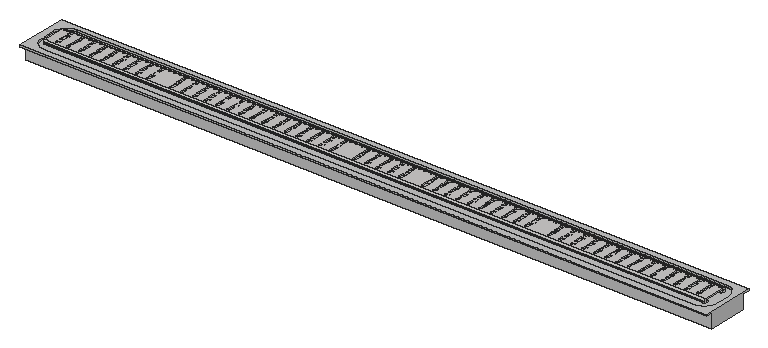
Revit family "Drain-Linear_Wave_Noble_FreeStyle", category Plumbing Fixtures, host Face, Revit 2017
Family settings
  Host = Face
  Round Connector Dimension = Use Diameter
  Part Type = Normal
  OmniClass Number = 23.45.55.21
  OmniClass Title = Drains (Wastes)
  Cut with Voids When Loaded = No
  Shared = No
  Room Calculation Point = No
Parameters (values of type "60in PVC")
  Weight = "10 lbs"
  URL = "www.noblecompany.com"
  Type Comments = ""
  Product Properties = "http://www.noblecompany.com/Portals/0/PRODUCT%20INFO/Product%20Descriptions/FreeStyle%20Linear%20Drain%20Product%20Decription%200410.pdf"
  Product Data = "http://www.noblecompany.com/Products/ShowerProducts/tabid/59/Default.aspx"
  Plate = Stainless Steel - Brushed
  Model = "Freestyle 60 PVC - Wave"
  Manufacturer Phone - Toll Free = "800-878-5788"
  Manufacturer Phone = "231-799-8000"
  Manufacturer Fax = "231-799-8850"
  Manufacturer Email = "mailto:sales@noblecompany.com"
  Manufacturer Address = "7300 Enterprise Drive, Spring Lake, MI  49456 USA"
  Manufacturer = "Noble Company"
  Installation-Fabrication = "http://www.noblecompany.com/Portals/0/PRODUCT%20INFO/Product%20Descriptions/FreeStyle%20Linear%20Drain%20Product%20Decription%200410.pdf"
  GPM = 0 GPM
  Description = "Freestyle 60 PVC - Wave Linear Drain"
  Building Codes = "http://www.noblecompany.com/Portals/0/TECHNICAL%20INFO/Listing_Testing_Certification_Reports/PMG-1065%20Noble%20Company%20Linear%20Drain%20final%202.pdf"
  Base = PVC
  B = 57 3/4"
  Assembly Code = "D2030300"
  A = 60"
  Default Elevation = 0"
  D = 1 5/8"
  C = 33 3/4"
Types (14): name | Model | Description | Base | B | A | D | C
  24in ABS | "Freestyle 24 ABS - Wave" | "Freestyle 24 ABS - Wave Linear Drain" | ABS | 21 3/4" | 24" | 1 1/4" | 15 3/4"
  32in ABS | "Freestyle 32 ABS - Wave" | "Freestyle 32 ABS - Wave Linear Drain" | ABS | 29 3/4" | 32" | 1 3/8" | 19 1/2"
  36in ABS | "Freestyle 36 ABS - Wave" | "Freestyle 36 ABS - Wave Linear Drain" | ABS | 33 3/4" | 36" | 1 3/8" | 21 3/4"
  40in ABS | "Freestyle 40 ABS - Wave" | "Freestyle 40 ABS - Wave Linear Drain" | ABS | 37 3/4" | 40" | 1 7/16" | 23 3/4"
  48in ABS | "Freestyle 48 ABS - Wave" | "Freestyle 48 ABS - Wave Linear Drain" | ABS | 45 3/4" | 48" | 1 1/2" | 27 3/4"
  54in ABS | "Freestyle 54 ABS - Wave" | "Freestyle 54 ABS - Wave Linear Drain" | ABS | 51 3/4" | 54" | 1 9/16" | 30 3/4"
  60in ABS | "Freestyle 60 ABS - Wave" | "Freestyle 60 ABS - Wave Linear Drain" | ABS | 57 3/4" | 60" | 1 5/8" | 33 3/4"
  24in PVC | "Freestyle 24 PVC - Wave" | "Freestyle 24 PVC - Wave Linear Drain" | PVC | 21 3/4" | 24" | 1 1/4" | 15 3/4"
  32in PVC | "Freestyle 32 PVC - Wave" | "Freestyle 32 PVC - Wave Linear Drain" | PVC | 29 3/4" | 32" | 1 3/8" | 19 1/2"
  36in PVC | "Freestyle 36 PVC - Wave" | "Freestyle 36 PVC - Wave Linear Drain" | PVC | 33 3/4" | 36" | 1 3/8" | 21 3/4"
  40in PVC | "Freestyle 40 PVC - Wave" | "Freestyle 40 PVC - Wave Linear Drain" | PVC | 37 3/4" | 40" | 1 7/16" | 23 3/4"
  48in PVC | "Freestyle 48 PVC - Wave" | "Freestyle 48 PVC - Wave Linear Drain" | PVC | 45 3/4" | 48" | 1 1/2" | 27 3/4"
  54in PVC | "Freestyle 54 PVC - Wave" | "Freestyle 54 PVC - Wave Linear Drain" | PVC | 51 3/4" | 54" | 1 9/16" | 30 3/4"
  60in PVC | "Freestyle 60 PVC - Wave" | "Freestyle 60 PVC - Wave Linear Drain" | PVC | 57 3/4" | 60" | 1 5/8" | 33 3/4"
Reference planes (in)
  plane 1 "Center (Front/Back)": y = 0
  plane 2: z = 0
  plane 3 "Center (Left/Right)": x = 0
  plane 4: z = -1.625
  plane 5: z = -4.05899
  plane 6: z = -1.625
  plane 7: y = 1.6875
  plane 8: y = -1.6875
  plane 9: z = -0.375
  plane 10: y = 2.25
  plane 11: y = -2.25
  plane 12: z = -0.3125
  plane 13: x = 30
  plane 14: x = -30
  plane 15: x = 28.875
  plane 16: x = -3.75
  plane 17: x = -28.875
  plane 18: z = -0.125
Forms (in)
  Extrusion 1, void, detail levels medium+fine
    sketch origin (0, 0, 0) x (1, 0, 0) y (0, 1, 0)
      loop
        circle (-3.75, 0) r 1
    from -60 to 34.55449
  Extrusion 2, solid, material "PVC" <- "Base", detail levels medium+fine
    sketch origin (10.05986, 0, 0) x (0, 1, 0) y (0, 0, 1)
      loop
        line (2.25, -0.375) -> (2.25, -0.25) -> (-2.25, -0.25) -> (-2.25, -0.375) -> (-1.6875, -0.375) -> (-1.6875, -1.625) -> (1.6875, -1.625) -> (1.6875, -0.375) -> (2.25, -0.375)
    from -40.05986 to 19.94014
  Extrusion 3, void
    sketch origin (10.05986, 0, 0) x (1, 0, 0) y (0, 1, 0)
      loop
        arc (-38.37906, 1.769) -> (-39.18512, 1.43512) -> (-39.519, 0.62906) r 1.13994
        line (-39.519, 0.62906) -> (-39.519, -0.63005)
        arc (-39.519, -0.63005) -> (-39.18541, -1.43541) -> (-38.38005, -1.769) r 1.13895
        line (-38.38005, -1.769) -> (18.37931, -1.769)
        arc (18.37931, -1.769) -> (19.18519, -1.43519) -> (19.519, -0.62931) r 1.13969
        line (19.519, -0.62931) -> (19.519, 0.62118)
        arc (19.519, 0.62118) -> (19.18281, 1.43281) -> (18.37118, 1.769) r 1.14782
        line (18.37118, 1.769) -> (-38.37906, 1.769)
    from -0.375 to 0
  Extrusion 4, void
    sketch origin (0, 0, 0) x (1, 0, 0) y (0, 1, 0)
      loop
        line (29, 1.269) -> (-29, 1.269) -> (-29, -1.269) -> (29, -1.269) -> (29, 1.269)
    from -0.125 to 0
  Extrusion 5, void, detail levels fine
    sketch origin (0, 0, 0) x (0, 1, 0) y (0, 0, 1)
      loop
        line (2.25, -0.375) -> (2.25, -0.125) -> (-2.25, -0.125) -> (-2.25, -0.375) -> (-1.6875, -0.375) -> (-1.6875, -1.625) -> (1.6875, -1.625) -> (1.6875, -0.375) -> (2.25, -0.375)
    from -30 to 30
Cuts and joins
  Extrusion 1, Extrusion 3 cuts Extrusion 2
Lines and regions (in)
  model lines, detail levels coarse+medium
    curve 1: line (-3.75, 0, 0) -> (-3.75, 0, -1.625)
  model lines, style "PlumbingFixtures", detail levels coarse
    curve 2: line (-30, 2.25, 0) -> (-30, -2.25, 0)
    curve 3: line (-30, 2.25, 0) -> (30, 2.25, 0)
    curve 4: line (30, 2.25, 0) -> (30, -2.25, 0)
    curve 5: line (-30, -2.25, 0) -> (30, -2.25, 0)
    curve 6: line (30, 0, 0) -> (-30, 0, 0)
Dimensions and locks (in)
  "D": plane 2 to plane 4
  locked: plane 4 to plane 5 at 2.43399
  "D": plane 6 to level
  equal spacing: plane 7, plane 1 "Center (Front/Back)", plane 8, locked at 1.6875 each
  locked: plane 9 to level at 0.375
  plane 7 to plane 8 = 3 3/8"
  locked: plane 10 to plane 7 at 0.5625
  locked: plane 8 to plane 11 at 0.5625
  "A": plane 14 to plane 13
  locked: plane 15 to plane 13 at 1.125
  "C": plane 16 to plane 13
  locked: plane 14 to plane 17 at 1.125
  locked: Extrusion 3 sketch curve to plane 13 at 0.42114
  locked: plane 14 to Extrusion 3 sketch curve at 0.54086
  equal spacing: plane 14, plane 3 "Center (Left/Right)", plane 13
  locked: plane 9 to plane 12 at 0.0625
  locked: level to plane 18 at 0.125
  level to Extrusion 2 sketch curve = 1/4"
  locked: plane 15 to Extrusion 4 sketch curve at 0.125
  locked: Extrusion 4 sketch curve to plane 17 at 0.125
  radius of Extrusion 1 sketch curve = 1"
  aligned and locked: plane 2 to host face
  aligned and locked: level to host face
  aligned and locked: plane 1 "Center (Front/Back)" to Extrusion 1 sketch curve
  aligned and locked: plane 13 to Extrusion 2
  aligned and locked: plane 16 to Extrusion 1 sketch curve
  aligned and locked: plane 10 to Extrusion 5 sketch curve
  aligned and locked: plane 9 to Extrusion 5 sketch curve
  aligned and locked: plane 7 to Extrusion 5 sketch curve
  aligned and locked: plane 4 to Extrusion 5 sketch curve
  aligned and locked: plane 11 to Extrusion 5 sketch curve
  aligned and locked: Extrusion 5 sketch curve to plane 8
  aligned and locked: Extrusion 5 to plane 14
  aligned and locked: plane 13 to Extrusion 5
  aligned and locked: curve 6 to plane 1 "Center (Front/Back)"
  aligned and locked: plane 14 to curve 6
  aligned and locked: plane 13 to curve 6
  aligned and locked: curve 1 to plane 16
  aligned and locked: level to curve 1
  aligned and locked: plane 6 to curve 1
  aligned and locked: Extrusion 2 to plane 14
  aligned and locked: plane 3 "Center (Left/Right)" to nested 1
  aligned and locked: plane 1 "Center (Front/Back)" to nested 1
  aligned and locked: plane 12 to nested 1
  aligned and locked: plane 9 to Extrusion 3
  aligned and locked: Extrusion 4 to plane 18
  aligned and locked: level to Extrusion 4
Automatic sketch dimensions
  host sketch curve to host sketch curve = 48 1/4"
  host sketch curve to host sketch curve = 96"
  plane 9 to Extrusion 2 sketch curve = 0"  (x2)
  Extrusion 2 sketch curve to plane 11 = 0"
  Extrusion 2 sketch curve to plane 4 = 0"
  Extrusion 2 sketch curve to plane 8 = 0"
  Extrusion 2 sketch curve to plane 7 = 0"
  Extrusion 2 sketch curve to plane 10 = 0"
  Extrusion 3 sketch curve to plane 8 = 0.0815"
  plane 17 to Extrusion 3 sketch curve = 0.55481"
  Extrusion 3 sketch curve to plane 7 = 0.0815"
  plane 17 to Extrusion 3 sketch curve = 0.5558"
  Extrusion 3 sketch curve to plane 15 = 0.44396"
  Extrusion 3 sketch curve to plane 15 = 0.43583"
  curve 2 to plane 10 = 0"
  curve 5 to plane 11 = 0"
  plane 9 to Extrusion 5 sketch curve = 0"
  Extrusion 5 sketch curve to plane 18 = 0"
  plane 8 to Extrusion 4 sketch curve = 0.4185"
  plane 7 to Extrusion 4 sketch curve = 0.4185"
Nested families (in)
  nested 1: "Strainer_Wave" at (-12.24848, 0, -0.3125), type "24"", detail levels fine
    with Strainer Length 57 3/4"
Connectors (in)
  piping at (-3.75, 0, -1.625), diameter 2, driven by "GPM"
    settings: on cut or joined group of Extrusion 1, Extrusion 2, Extrusion 3, index 1, connector inside diameter 2", connector length 0", flow factor 0, pipe flow 0 GPM, pressure drop 0.00 psi, fitting loss kfactor 0, connector angle 0.00°, fixture units 0, engagement length 0", angle of deflection 0.00°, flow configuration 0, flow direction 2, fitting loss method 0, system type 16, joint type 0, gender type 0, connector reference index -1, connector utility 0, adjustable connector no, is connector primary yes, connector description ""
Definition of nested family "Strainer_Wave"
  Parameters
    Strainer Width = 2 1/4"
    Strainer Height = 5/16"
    Strainer Length = 45 3/4"
    Strainer Finish = none
  Reference planes (in)
    plane 1 "Center (Front/Back)": y = 0
    plane 2: z = 0
    plane 3 "Center (Left/Right)": x = 12.24848
    plane 4 "Left": x = -10.62652
    plane 5 "Right": x = 35.12348
    plane 6: y = 1.125
    plane 7: y = -1.125
    plane 8: x = 42.24848
    plane 9: x = -17.75152
    plane 10: z = 0.3125
  Forms (in)
    Extrusion 1, void
      sketch origin (12.24848, 0, 0) x (0, 1, 0) y (0, 0, 1)
        loop
          line (1.1245, 0.3125) -> (0.9995, 0.3125)
          arc (0.9995, 0.3125) -> (1.08789, 0.27589) -> (1.1245, 0.1875) r 0.125
          line (1.1245, 0.1875) -> (1.1245, 0.3125)
        loop
          line (-1.1245, 0.3125) -> (-1.1245, 0.1875)
          arc (-1.1245, 0.1875) -> (-1.08789, 0.27589) -> (-0.9995, 0.3125) r 0.125
          line (-0.9995, 0.3125) -> (-1.1245, 0.3125)
        loop
          line (1.1245, 0) -> (1.1245, 0.125)
          arc (1.1245, 0.125) -> (1.08789, 0.03661) -> (0.9995, 0) r 0.125
          line (0.9995, 0) -> (1.1245, 0)
        loop
          line (-1.1245, 0) -> (-0.9995, 0)
          arc (-0.9995, 0) -> (-1.08789, 0.03661) -> (-1.1245, 0.125) r 0.125
          line (-1.1245, 0.125) -> (-1.1245, 0)
        loop
          line (-0.75, 0) -> (0.75, 0) -> (0.75, 0.0625) -> (0.9995, 0.0625)
          arc (0.9995, 0.0625) -> (1.06302, 0.15625) -> (0.9995, 0.25) r 0.10095
          line (0.9995, 0.25) -> (-0.9995, 0.25)
          arc (-0.9995, 0.25) -> (-1.06302, 0.15625) -> (-0.9995, 0.0625) r 0.10095
          line (-0.9995, 0.0625) -> (-0.75, 0.0625) -> (-0.75, 0)
      from -30 to 30
    Extrusion 2, void
      sketch origin (0, 0, 0) x (1, 0, 0) y (0, 1, 0)
        loop
          line (-17.75152, 1.25) -> (-17.75152, -1.25) -> (-10.62652, -1.25) -> (-10.62652, 1.25) -> (-17.75152, 1.25)
        loop
          line (35.12348, 1.25) -> (35.12348, -1.25) -> (42.24848, -1.25) -> (42.24848, 1.25) -> (35.12348, 1.25)
      from 0 to 0.3125
    Extrusion 3, solid, material <- "Strainer Finish", detail levels medium+fine
      sketch origin (0, 0, 0) x (1, 0, 0) y (0, 1, 0)
        loop
          line (-16.62652, 1.1245) -> (-16.62652, -1.1245) -> (41.12348, -1.1245) -> (41.12348, 1.1245) -> (-16.62652, 1.1245)
        loop
          line (-13.61152, -0.13547) -> (-13.61152, 0.2565) -> (-13.89152, 0.30808) -> (-13.89152, -0.18704) -> (-13.61152, -0.13547)
        loop
          line (-14.61152, -0.28503) -> (-14.61152, 0.40552) -> (-14.89152, 0.4255) -> (-14.89152, -0.30501) -> (-14.61152, -0.28503)
        loop
          line (-15.61152, -0.30506) -> (-15.61152, 0.42609) -> (-15.89152, 0.40611) -> (-15.89152, -0.28508) -> (-15.61152, -0.30506)
        loop
          line (-11.61152, 0.13847) -> (-11.89704, 0.06052) -> (-11.61152, -0.01744) -> (-11.61152, 0.13847)
        loop
          line (-12.89152, 0.13847) -> (-12.89152, -0.01744) -> (-12.606, 0.06052) -> (-12.89152, 0.13847)
        loop
          line (-15.89152, 0.65709) -> (-15.61152, 0.67707) -> (-15.61152, 0.81052)
          arc (-15.61152, 0.81052) -> (-15.75152, 0.95052) -> (-15.89152, 0.81052) r 0.14
          line (-15.89152, 0.81052) -> (-15.89152, 0.65709)
        loop
          line (-14.89152, 0.67639) -> (-14.61152, 0.65641) -> (-14.61152, 0.81052)
          arc (-14.61152, 0.81052) -> (-14.75152, 0.95052) -> (-14.89152, 0.81052) r 0.14
          line (-14.89152, 0.81052) -> (-14.89152, 0.67639)
        loop
          line (-13.89152, 0.5617) -> (-13.61152, 0.51012) -> (-13.61152, 0.81052)
          arc (-13.61152, 0.81052) -> (-13.75152, 0.95052) -> (-13.89152, 0.81052) r 0.14
          line (-13.89152, 0.81052) -> (-13.89152, 0.5617)
        loop
          arc (-12.61152, 0.81052) -> (-12.75152, 0.95052) -> (-12.89152, 0.81052) r 0.14
          line (-12.89152, 0.81052) -> (-12.89152, 0.36578) -> (-12.61152, 0.28933) -> (-12.61152, 0.81052)
        loop
          line (-15.89152, -0.53606) -> (-15.89152, -0.68948)
          arc (-15.89152, -0.68948) -> (-15.75152, -0.82948) -> (-15.61152, -0.68948) r 0.14
          line (-15.61152, -0.68948) -> (-15.61152, -0.55604) -> (-15.89152, -0.53606)
        loop
          line (-14.89152, -0.55535) -> (-14.89152, -0.68948)
          arc (-14.89152, -0.68948) -> (-14.75152, -0.82948) -> (-14.61152, -0.68948) r 0.14
          line (-14.61152, -0.68948) -> (-14.61152, -0.53538) -> (-14.89152, -0.55535)
        loop
          line (-13.89152, -0.44067) -> (-13.89152, -0.68948)
          arc (-13.89152, -0.68948) -> (-13.75152, -0.82948) -> (-13.61152, -0.68948) r 0.14
          line (-13.61152, -0.68948) -> (-13.61152, -0.38909) -> (-13.89152, -0.44067)
        loop
          line (-12.61152, -0.68948) -> (-12.61152, -0.1683) -> (-12.89152, -0.24475) -> (-12.89152, -0.68948)
          arc (-12.89152, -0.68948) -> (-12.75152, -0.82948) -> (-12.61152, -0.68948) r 0.14
        loop
          arc (-11.61152, 0.81052) -> (-11.75152, 0.95052) -> (-11.89152, 0.81052) r 0.14
          line (-11.89152, 0.81052) -> (-11.89152, 0.26879) -> (-11.61152, 0.34524) -> (-11.61152, 0.81052)
        loop
          line (-11.61152, -0.68948) -> (-11.61152, -0.22825) -> (-11.89152, -0.1518) -> (-11.89152, -0.68948)
          arc (-11.89152, -0.68948) -> (-11.75152, -0.82948) -> (-11.61152, -0.68948) r 0.14
        loop
          line (-8.61152, -0.17208) -> (-8.61152, 0.29086) -> (-8.89152, 0.34244) -> (-8.89152, -0.22366) -> (-8.61152, -0.17208)
        loop
          line (-7.89152, 0.13847) -> (-7.89152, -0.01744) -> (-7.606, 0.06052) -> (-7.89152, 0.13847)
        loop
          line (-8.89152, 0.59665) -> (-8.61152, 0.54507) -> (-8.61152, 0.81052)
          arc (-8.61152, 0.81052) -> (-8.75152, 0.95052) -> (-8.89152, 0.81052) r 0.14
          line (-8.89152, 0.81052) -> (-8.89152, 0.59665)
        loop
          arc (-7.61152, 0.81052) -> (-7.75152, 0.95052) -> (-7.89152, 0.81052) r 0.14
          line (-7.89152, 0.81052) -> (-7.89152, 0.39762) -> (-7.61152, 0.32117) -> (-7.61152, 0.81052)
        loop
          line (-8.89152, -0.47786) -> (-8.89152, -0.68948)
          arc (-8.89152, -0.68948) -> (-8.75152, -0.82948) -> (-8.61152, -0.68948) r 0.14
          line (-8.61152, -0.68948) -> (-8.61152, -0.42628) -> (-8.89152, -0.47786)
        loop
          line (-7.61152, -0.68948) -> (-7.61152, -0.20014) -> (-7.89152, -0.27659) -> (-7.89152, -0.68948)
          arc (-7.89152, -0.68948) -> (-7.75152, -0.82948) -> (-7.61152, -0.68948) r 0.14
        loop
          line (-10.89664, -0.13547) -> (-10.61664, -0.18704) -> (-10.61664, 0.30808) -> (-10.89664, 0.2565) -> (-10.89664, -0.13547)
        loop
          line (-10.61664, 0.5617) -> (-10.61664, 0.81052)
          arc (-10.61664, 0.81052) -> (-10.75664, 0.95052) -> (-10.89664, 0.81052) r 0.14
          line (-10.89664, 0.81052) -> (-10.89664, 0.51012) -> (-10.61664, 0.5617)
        loop
          line (-10.61664, -0.44067) -> (-10.89664, -0.38909) -> (-10.89664, -0.68948)
          arc (-10.89664, -0.68948) -> (-10.75664, -0.82948) -> (-10.61664, -0.68948) r 0.14
          line (-10.61664, -0.68948) -> (-10.61664, -0.44067)
        loop
          line (-9.61152, -0.30501) -> (-9.61152, 0.4255) -> (-9.89152, 0.4255) -> (-9.89152, -0.30501) -> (-9.61152, -0.30501)
        loop
          line (-9.89152, 0.67639) -> (-9.61152, 0.65641) -> (-9.61152, 0.81052)
          arc (-9.61152, 0.81052) -> (-9.75152, 0.95052) -> (-9.89152, 0.81052) r 0.14
          line (-9.89152, 0.81052) -> (-9.89152, 0.67639)
        loop
          line (-9.89152, -0.55535) -> (-9.89152, -0.68948)
          arc (-9.89152, -0.68948) -> (-9.75152, -0.82948) -> (-9.61152, -0.68948) r 0.14
          line (-9.61152, -0.68948) -> (-9.61152, -0.55535) -> (-9.89152, -0.55535)
        loop
          line (-5.61152, 0.13847) -> (-5.89704, 0.06052) -> (-5.61152, -0.01744) -> (-5.61152, 0.13847)
        loop
          arc (-5.61152, 0.81052) -> (-5.75152, 0.95052) -> (-5.89152, 0.81052) r 0.14
          line (-5.89152, 0.81052) -> (-5.89152, 0.26879) -> (-5.61152, 0.34524) -> (-5.61152, 0.81052)
        loop
          line (-5.61152, -0.68948) -> (-5.61152, -0.22825) -> (-5.89152, -0.1518) -> (-5.89152, -0.68948)
          arc (-5.89152, -0.68948) -> (-5.75152, -0.82948) -> (-5.61152, -0.68948) r 0.14
        loop
          line (-2.61152, -0.17208) -> (-2.61152, 0.29086) -> (-2.89152, 0.34244) -> (-2.89152, -0.22366) -> (-2.61152, -0.17208)
        loop
          line (-1.89152, 0.13847) -> (-1.89152, -0.01744) -> (-1.606, 0.06052) -> (-1.89152, 0.13847)
        loop
          line (-2.89152, 0.59665) -> (-2.61152, 0.54507) -> (-2.61152, 0.81052)
          arc (-2.61152, 0.81052) -> (-2.75152, 0.95052) -> (-2.89152, 0.81052) r 0.14
          line (-2.89152, 0.81052) -> (-2.89152, 0.59665)
        loop
          arc (-1.61152, 0.81052) -> (-1.75152, 0.95052) -> (-1.89152, 0.81052) r 0.14
          line (-1.89152, 0.81052) -> (-1.89152, 0.39762) -> (-1.61152, 0.32117) -> (-1.61152, 0.81052)
        loop
          line (-2.89152, -0.47786) -> (-2.89152, -0.68948)
          arc (-2.89152, -0.68948) -> (-2.75152, -0.82948) -> (-2.61152, -0.68948) r 0.14
          line (-2.61152, -0.68948) -> (-2.61152, -0.42628) -> (-2.89152, -0.47786)
        loop
          line (-1.61152, -0.68948) -> (-1.61152, -0.20014) -> (-1.89152, -0.27659) -> (-1.89152, -0.68948)
          arc (-1.89152, -0.68948) -> (-1.75152, -0.82948) -> (-1.61152, -0.68948) r 0.14
        loop
          line (-4.89664, -0.13547) -> (-4.61664, -0.18704) -> (-4.61664, 0.30808) -> (-4.89664, 0.2565) -> (-4.89664, -0.13547)
        loop
          line (-4.61664, 0.5617) -> (-4.61664, 0.81052)
          arc (-4.61664, 0.81052) -> (-4.75664, 0.95052) -> (-4.89664, 0.81052) r 0.14
          line (-4.89664, 0.81052) -> (-4.89664, 0.51012) -> (-4.61664, 0.5617)
        loop
          line (-4.61664, -0.44067) -> (-4.89664, -0.38909) -> (-4.89664, -0.68948)
          arc (-4.89664, -0.68948) -> (-4.75664, -0.82948) -> (-4.61664, -0.68948) r 0.14
          line (-4.61664, -0.68948) -> (-4.61664, -0.44067)
        loop
          line (-3.61152, -0.30501) -> (-3.61152, 0.4255) -> (-3.89152, 0.4255) -> (-3.89152, -0.30501) -> (-3.61152, -0.30501)
        loop
          line (-3.89152, 0.67639) -> (-3.61152, 0.65641) -> (-3.61152, 0.81052)
          arc (-3.61152, 0.81052) -> (-3.75152, 0.95052) -> (-3.89152, 0.81052) r 0.14
          line (-3.89152, 0.81052) -> (-3.89152, 0.67639)
        loop
          line (-3.89152, -0.55535) -> (-3.89152, -0.68948)
          arc (-3.89152, -0.68948) -> (-3.75152, -0.82948) -> (-3.61152, -0.68948) r 0.14
          line (-3.61152, -0.68948) -> (-3.61152, -0.55535) -> (-3.89152, -0.55535)
        loop
          line (-0.61152, 0.13847) -> (-0.89704, 0.06052) -> (-0.61152, -0.01744) -> (-0.61152, 0.13847)
        loop
          arc (-0.61152, 0.81052) -> (-0.75152, 0.95052) -> (-0.89152, 0.81052) r 0.14
          line (-0.89152, 0.81052) -> (-0.89152, 0.26879) -> (-0.61152, 0.34524) -> (-0.61152, 0.81052)
        loop
          line (-0.61152, -0.68948) -> (-0.61152, -0.22825) -> (-0.89152, -0.1518) -> (-0.89152, -0.68948)
          arc (-0.89152, -0.68948) -> (-0.75152, -0.82948) -> (-0.61152, -0.68948) r 0.14
        loop
          line (2.38848, -0.17208) -> (2.38848, 0.29086) -> (2.10848, 0.34244) -> (2.10848, -0.22366) -> (2.38848, -0.17208)
        loop
          line (3.10848, 0.13847) -> (3.10848, -0.01744) -> (3.394, 0.06052) -> (3.10848, 0.13847)
        loop
          line (2.10848, 0.59665) -> (2.38848, 0.54507) -> (2.38848, 0.81052)
          arc (2.38848, 0.81052) -> (2.24848, 0.95052) -> (2.10848, 0.81052) r 0.14
          line (2.10848, 0.81052) -> (2.10848, 0.59665)
        loop
          arc (3.38848, 0.81052) -> (3.24848, 0.95052) -> (3.10848, 0.81052) r 0.14
          line (3.10848, 0.81052) -> (3.10848, 0.39762) -> (3.38848, 0.32117) -> (3.38848, 0.81052)
        loop
          line (2.10848, -0.47786) -> (2.10848, -0.68948)
          arc (2.10848, -0.68948) -> (2.24848, -0.82948) -> (2.38848, -0.68948) r 0.14
          line (2.38848, -0.68948) -> (2.38848, -0.42628) -> (2.10848, -0.47786)
        loop
          line (3.38848, -0.68948) -> (3.38848, -0.20014) -> (3.10848, -0.27659) -> (3.10848, -0.68948)
          arc (3.10848, -0.68948) -> (3.24848, -0.82948) -> (3.38848, -0.68948) r 0.14
        loop
          line (0.10336, -0.13547) -> (0.38336, -0.18704) -> (0.38336, 0.30808) -> (0.10336, 0.2565) -> (0.10336, -0.13547)
        loop
          line (0.38336, 0.5617) -> (0.38336, 0.81052)
          arc (0.38336, 0.81052) -> (0.24336, 0.95052) -> (0.10336, 0.81052) r 0.14
          line (0.10336, 0.81052) -> (0.10336, 0.51012) -> (0.38336, 0.5617)
        loop
          line (0.38336, -0.44067) -> (0.10336, -0.38909) -> (0.10336, -0.68948)
          arc (0.10336, -0.68948) -> (0.24336, -0.82948) -> (0.38336, -0.68948) r 0.14
          line (0.38336, -0.68948) -> (0.38336, -0.44067)
        loop
          line (1.38848, -0.30501) -> (1.38848, 0.4255) -> (1.10848, 0.4255) -> (1.10848, -0.30501) -> (1.38848, -0.30501)
        loop
          line (1.10848, 0.67639) -> (1.38848, 0.65641) -> (1.38848, 0.81052)
          arc (1.38848, 0.81052) -> (1.24848, 0.95052) -> (1.10848, 0.81052) r 0.14
          line (1.10848, 0.81052) -> (1.10848, 0.67639)
        loop
          line (1.10848, -0.55535) -> (1.10848, -0.68948)
          arc (1.10848, -0.68948) -> (1.24848, -0.82948) -> (1.38848, -0.68948) r 0.14
          line (1.38848, -0.68948) -> (1.38848, -0.55535) -> (1.10848, -0.55535)
        loop
          line (4.38848, 0.13847) -> (4.10296, 0.06052) -> (4.38848, -0.01744) -> (4.38848, 0.13847)
        loop
          arc (4.38848, 0.81052) -> (4.24848, 0.95052) -> (4.10848, 0.81052) r 0.14
          line (4.10848, 0.81052) -> (4.10848, 0.26879) -> (4.38848, 0.34524) -> (4.38848, 0.81052)
        loop
          line (4.38848, -0.68948) -> (4.38848, -0.22825) -> (4.10848, -0.1518) -> (4.10848, -0.68948)
          arc (4.10848, -0.68948) -> (4.24848, -0.82948) -> (4.38848, -0.68948) r 0.14
        loop
          line (7.38848, -0.17208) -> (7.38848, 0.29086) -> (7.10848, 0.34244) -> (7.10848, -0.22366) -> (7.38848, -0.17208)
        loop
          line (8.10848, 0.13847) -> (8.10848, -0.01744) -> (8.394, 0.06052) -> (8.10848, 0.13847)
        loop
          line (7.10848, 0.59665) -> (7.38848, 0.54507) -> (7.38848, 0.81052)
          arc (7.38848, 0.81052) -> (7.24848, 0.95052) -> (7.10848, 0.81052) r 0.14
          line (7.10848, 0.81052) -> (7.10848, 0.59665)
        loop
          arc (8.38848, 0.81052) -> (8.24848, 0.95052) -> (8.10848, 0.81052) r 0.14
          line (8.10848, 0.81052) -> (8.10848, 0.39762) -> (8.38848, 0.32117) -> (8.38848, 0.81052)
        loop
          line (7.10848, -0.47786) -> (7.10848, -0.68948)
          arc (7.10848, -0.68948) -> (7.24848, -0.82948) -> (7.38848, -0.68948) r 0.14
          line (7.38848, -0.68948) -> (7.38848, -0.42628) -> (7.10848, -0.47786)
        loop
          line (8.38848, -0.68948) -> (8.38848, -0.20014) -> (8.10848, -0.27659) -> (8.10848, -0.68948)
          arc (8.10848, -0.68948) -> (8.24848, -0.82948) -> (8.38848, -0.68948) r 0.14
        loop
          line (5.10336, -0.13547) -> (5.38336, -0.18704) -> (5.38336, 0.30808) -> (5.10336, 0.2565) -> (5.10336, -0.13547)
        loop
          line (5.38336, 0.5617) -> (5.38336, 0.81052)
          arc (5.38336, 0.81052) -> (5.24336, 0.95052) -> (5.10336, 0.81052) r 0.14
          line (5.10336, 0.81052) -> (5.10336, 0.51012) -> (5.38336, 0.5617)
        loop
          line (5.38336, -0.44067) -> (5.10336, -0.38909) -> (5.10336, -0.68948)
          arc (5.10336, -0.68948) -> (5.24336, -0.82948) -> (5.38336, -0.68948) r 0.14
          line (5.38336, -0.68948) -> (5.38336, -0.44067)
        loop
          line (6.38848, -0.30501) -> (6.38848, 0.4255) -> (6.10848, 0.4255) -> (6.10848, -0.30501) -> (6.38848, -0.30501)
        loop
          line (6.10848, 0.67639) -> (6.38848, 0.65641) -> (6.38848, 0.81052)
          arc (6.38848, 0.81052) -> (6.24848, 0.95052) -> (6.10848, 0.81052) r 0.14
          line (6.10848, 0.81052) -> (6.10848, 0.67639)
        loop
          line (6.10848, -0.55535) -> (6.10848, -0.68948)
          arc (6.10848, -0.68948) -> (6.24848, -0.82948) -> (6.38848, -0.68948) r 0.14
          line (6.38848, -0.68948) -> (6.38848, -0.55535) -> (6.10848, -0.55535)
        loop
          line (10.38848, 0.13847) -> (10.10296, 0.06052) -> (10.38848, -0.01744) -> (10.38848, 0.13847)
        loop
          arc (10.38848, 0.81052) -> (10.24848, 0.95052) -> (10.10848, 0.81052) r 0.14
          line (10.10848, 0.81052) -> (10.10848, 0.26879) -> (10.38848, 0.34524) -> (10.38848, 0.81052)
        loop
          line (10.38848, -0.68948) -> (10.38848, -0.22825) -> (10.10848, -0.1518) -> (10.10848, -0.68948)
          arc (10.10848, -0.68948) -> (10.24848, -0.82948) -> (10.38848, -0.68948) r 0.14
        loop
          line (13.38848, -0.17208) -> (13.38848, 0.29086) -> (13.10848, 0.34244) -> (13.10848, -0.22366) -> (13.38848, -0.17208)
        loop
          line (14.10848, 0.13847) -> (14.10848, -0.01744) -> (14.394, 0.06052) -> (14.10848, 0.13847)
        loop
          line (13.10848, 0.59665) -> (13.38848, 0.54507) -> (13.38848, 0.81052)
          arc (13.38848, 0.81052) -> (13.24848, 0.95052) -> (13.10848, 0.81052) r 0.14
          line (13.10848, 0.81052) -> (13.10848, 0.59665)
        loop
          arc (14.38848, 0.81052) -> (14.24848, 0.95052) -> (14.10848, 0.81052) r 0.14
          line (14.10848, 0.81052) -> (14.10848, 0.39762) -> (14.38848, 0.32117) -> (14.38848, 0.81052)
        loop
          line (13.10848, -0.47786) -> (13.10848, -0.68948)
          arc (13.10848, -0.68948) -> (13.24848, -0.82948) -> (13.38848, -0.68948) r 0.14
          line (13.38848, -0.68948) -> (13.38848, -0.42628) -> (13.10848, -0.47786)
        loop
          line (14.38848, -0.68948) -> (14.38848, -0.20014) -> (14.10848, -0.27659) -> (14.10848, -0.68948)
          arc (14.10848, -0.68948) -> (14.24848, -0.82948) -> (14.38848, -0.68948) r 0.14
        loop
          line (11.10336, -0.13547) -> (11.38336, -0.18704) -> (11.38336, 0.30808) -> (11.10336, 0.2565) -> (11.10336, -0.13547)
        loop
          line (11.38336, 0.5617) -> (11.38336, 0.81052)
          arc (11.38336, 0.81052) -> (11.24336, 0.95052) -> (11.10336, 0.81052) r 0.14
          line (11.10336, 0.81052) -> (11.10336, 0.51012) -> (11.38336, 0.5617)
        loop
          line (11.38336, -0.44067) -> (11.10336, -0.38909) -> (11.10336, -0.68948)
          arc (11.10336, -0.68948) -> (11.24336, -0.82948) -> (11.38336, -0.68948) r 0.14
          line (11.38336, -0.68948) -> (11.38336, -0.44067)
        loop
          line (12.38848, -0.30501) -> (12.38848, 0.4255) -> (12.10848, 0.4255) -> (12.10848, -0.30501) -> (12.38848, -0.30501)
        loop
          line (12.10848, 0.67639) -> (12.38848, 0.65641) -> (12.38848, 0.81052)
          arc (12.38848, 0.81052) -> (12.24848, 0.95052) -> (12.10848, 0.81052) r 0.14
          line (12.10848, 0.81052) -> (12.10848, 0.67639)
        loop
          line (12.10848, -0.55535) -> (12.10848, -0.68948)
          arc (12.10848, -0.68948) -> (12.24848, -0.82948) -> (12.38848, -0.68948) r 0.14
          line (12.38848, -0.68948) -> (12.38848, -0.55535) -> (12.10848, -0.55535)
        loop
          line (16.38848, 0.13847) -> (16.10296, 0.06052) -> (16.38848, -0.01744) -> (16.38848, 0.13847)
        loop
          arc (16.38848, 0.81052) -> (16.24848, 0.95052) -> (16.10848, 0.81052) r 0.14
          line (16.10848, 0.81052) -> (16.10848, 0.26879) -> (16.38848, 0.34524) -> (16.38848, 0.81052)
        loop
          line (16.38848, -0.68948) -> (16.38848, -0.22825) -> (16.10848, -0.1518) -> (16.10848, -0.68948)
          arc (16.10848, -0.68948) -> (16.24848, -0.82948) -> (16.38848, -0.68948) r 0.14
        loop
          line (19.38848, -0.17208) -> (19.38848, 0.29086) -> (19.10848, 0.34244) -> (19.10848, -0.22366) -> (19.38848, -0.17208)
        loop
          line (20.10848, 0.13847) -> (20.10848, -0.01744) -> (20.394, 0.06052) -> (20.10848, 0.13847)
        loop
          line (19.10848, 0.59665) -> (19.38848, 0.54507) -> (19.38848, 0.81052)
          arc (19.38848, 0.81052) -> (19.24848, 0.95052) -> (19.10848, 0.81052) r 0.14
          line (19.10848, 0.81052) -> (19.10848, 0.59665)
        loop
          arc (20.38848, 0.81052) -> (20.24848, 0.95052) -> (20.10848, 0.81052) r 0.14
          line (20.10848, 0.81052) -> (20.10848, 0.39762) -> (20.38848, 0.32117) -> (20.38848, 0.81052)
        loop
          line (19.10848, -0.47786) -> (19.10848, -0.68948)
          arc (19.10848, -0.68948) -> (19.24848, -0.82948) -> (19.38848, -0.68948) r 0.14
          line (19.38848, -0.68948) -> (19.38848, -0.42628) -> (19.10848, -0.47786)
        loop
          line (20.38848, -0.68948) -> (20.38848, -0.20014) -> (20.10848, -0.27659) -> (20.10848, -0.68948)
          arc (20.10848, -0.68948) -> (20.24848, -0.82948) -> (20.38848, -0.68948) r 0.14
        loop
          line (17.10336, -0.13547) -> (17.38336, -0.18704) -> (17.38336, 0.30808) -> (17.10336, 0.2565) -> (17.10336, -0.13547)
        loop
          line (17.38336, 0.5617) -> (17.38336, 0.81052)
          arc (17.38336, 0.81052) -> (17.24336, 0.95052) -> (17.10336, 0.81052) r 0.14
          line (17.10336, 0.81052) -> (17.10336, 0.51012) -> (17.38336, 0.5617)
        loop
          line (17.38336, -0.44067) -> (17.10336, -0.38909) -> (17.10336, -0.68948)
          arc (17.10336, -0.68948) -> (17.24336, -0.82948) -> (17.38336, -0.68948) r 0.14
          line (17.38336, -0.68948) -> (17.38336, -0.44067)
        loop
          line (18.38848, -0.30501) -> (18.38848, 0.4255) -> (18.10848, 0.4255) -> (18.10848, -0.30501) -> (18.38848, -0.30501)
        loop
          line (18.10848, 0.67639) -> (18.38848, 0.65641) -> (18.38848, 0.81052)
          arc (18.38848, 0.81052) -> (18.24848, 0.95052) -> (18.10848, 0.81052) r 0.14
          line (18.10848, 0.81052) -> (18.10848, 0.67639)
        loop
          line (18.10848, -0.55535) -> (18.10848, -0.68948)
          arc (18.10848, -0.68948) -> (18.24848, -0.82948) -> (18.38848, -0.68948) r 0.14
          line (18.38848, -0.68948) -> (18.38848, -0.55535) -> (18.10848, -0.55535)
        loop
          line (21.38848, 0.13847) -> (21.10296, 0.06052) -> (21.38848, -0.01744) -> (21.38848, 0.13847)
        loop
          arc (21.38848, 0.81052) -> (21.24848, 0.95052) -> (21.10848, 0.81052) r 0.14
          line (21.10848, 0.81052) -> (21.10848, 0.26879) -> (21.38848, 0.34524) -> (21.38848, 0.81052)
        loop
          line (21.38848, -0.68948) -> (21.38848, -0.22825) -> (21.10848, -0.1518) -> (21.10848, -0.68948)
          arc (21.10848, -0.68948) -> (21.24848, -0.82948) -> (21.38848, -0.68948) r 0.14
        loop
          line (24.38848, -0.17208) -> (24.38848, 0.29086) -> (24.10848, 0.34244) -> (24.10848, -0.22366) -> (24.38848, -0.17208)
        loop
          line (25.10848, 0.13847) -> (25.10848, -0.01744) -> (25.394, 0.06052) -> (25.10848, 0.13847)
        loop
          line (24.10848, 0.59665) -> (24.38848, 0.54507) -> (24.38848, 0.81052)
          arc (24.38848, 0.81052) -> (24.24848, 0.95052) -> (24.10848, 0.81052) r 0.14
          line (24.10848, 0.81052) -> (24.10848, 0.59665)
        loop
          arc (25.38848, 0.81052) -> (25.24848, 0.95052) -> (25.10848, 0.81052) r 0.14
          line (25.10848, 0.81052) -> (25.10848, 0.39762) -> (25.38848, 0.32117) -> (25.38848, 0.81052)
        loop
          line (24.10848, -0.47786) -> (24.10848, -0.68948)
          arc (24.10848, -0.68948) -> (24.24848, -0.82948) -> (24.38848, -0.68948) r 0.14
          line (24.38848, -0.68948) -> (24.38848, -0.42628) -> (24.10848, -0.47786)
        loop
          line (25.38848, -0.68948) -> (25.38848, -0.20014) -> (25.10848, -0.27659) -> (25.10848, -0.68948)
          arc (25.10848, -0.68948) -> (25.24848, -0.82948) -> (25.38848, -0.68948) r 0.14
        loop
          line (22.10336, -0.13547) -> (22.38336, -0.18704) -> (22.38336, 0.30808) -> (22.10336, 0.2565) -> (22.10336, -0.13547)
        loop
          line (22.38336, 0.5617) -> (22.38336, 0.81052)
          arc (22.38336, 0.81052) -> (22.24336, 0.95052) -> (22.10336, 0.81052) r 0.14
          line (22.10336, 0.81052) -> (22.10336, 0.51012) -> (22.38336, 0.5617)
        loop
          line (22.38336, -0.44067) -> (22.10336, -0.38909) -> (22.10336, -0.68948)
          arc (22.10336, -0.68948) -> (22.24336, -0.82948) -> (22.38336, -0.68948) r 0.14
          line (22.38336, -0.68948) -> (22.38336, -0.44067)
        loop
          line (23.38848, -0.30501) -> (23.38848, 0.4255) -> (23.10848, 0.4255) -> (23.10848, -0.30501) -> (23.38848, -0.30501)
        loop
          line (23.10848, 0.67639) -> (23.38848, 0.65641) -> (23.38848, 0.81052)
          arc (23.38848, 0.81052) -> (23.24848, 0.95052) -> (23.10848, 0.81052) r 0.14
          line (23.10848, 0.81052) -> (23.10848, 0.67639)
        loop
          line (23.10848, -0.55535) -> (23.10848, -0.68948)
          arc (23.10848, -0.68948) -> (23.24848, -0.82948) -> (23.38848, -0.68948) r 0.14
          line (23.38848, -0.68948) -> (23.38848, -0.55535) -> (23.10848, -0.55535)
        loop
          line (27.38848, 0.13847) -> (27.10296, 0.06052) -> (27.38848, -0.01744) -> (27.38848, 0.13847)
        loop
          arc (27.38848, 0.81052) -> (27.24848, 0.95052) -> (27.10848, 0.81052) r 0.14
          line (27.10848, 0.81052) -> (27.10848, 0.26879) -> (27.38848, 0.34524) -> (27.38848, 0.81052)
        loop
          line (27.38848, -0.68948) -> (27.38848, -0.22825) -> (27.10848, -0.1518) -> (27.10848, -0.68948)
          arc (27.10848, -0.68948) -> (27.24848, -0.82948) -> (27.38848, -0.68948) r 0.14
        loop
          line (30.38848, -0.17208) -> (30.38848, 0.29086) -> (30.10848, 0.34244) -> (30.10848, -0.22366) -> (30.38848, -0.17208)
        loop
          line (31.10848, 0.13847) -> (31.10848, -0.01744) -> (31.394, 0.06052) -> (31.10848, 0.13847)
        loop
          line (30.10848, 0.59665) -> (30.38848, 0.54507) -> (30.38848, 0.81052)
          arc (30.38848, 0.81052) -> (30.24848, 0.95052) -> (30.10848, 0.81052) r 0.14
          line (30.10848, 0.81052) -> (30.10848, 0.59665)
        loop
          arc (31.38848, 0.81052) -> (31.24848, 0.95052) -> (31.10848, 0.81052) r 0.14
          line (31.10848, 0.81052) -> (31.10848, 0.39762) -> (31.38848, 0.32117) -> (31.38848, 0.81052)
        loop
          line (30.10848, -0.47786) -> (30.10848, -0.68948)
          arc (30.10848, -0.68948) -> (30.24848, -0.82948) -> (30.38848, -0.68948) r 0.14
          line (30.38848, -0.68948) -> (30.38848, -0.42628) -> (30.10848, -0.47786)
        loop
          line (31.38848, -0.68948) -> (31.38848, -0.20014) -> (31.10848, -0.27659) -> (31.10848, -0.68948)
          arc (31.10848, -0.68948) -> (31.24848, -0.82948) -> (31.38848, -0.68948) r 0.14
        loop
          line (28.10336, -0.13547) -> (28.38336, -0.18704) -> (28.38336, 0.30808) -> (28.10336, 0.2565) -> (28.10336, -0.13547)
        loop
          line (28.38336, 0.5617) -> (28.38336, 0.81052)
          arc (28.38336, 0.81052) -> (28.24336, 0.95052) -> (28.10336, 0.81052) r 0.14
          line (28.10336, 0.81052) -> (28.10336, 0.51012) -> (28.38336, 0.5617)
        loop
          line (28.38336, -0.44067) -> (28.10336, -0.38909) -> (28.10336, -0.68948)
          arc (28.10336, -0.68948) -> (28.24336, -0.82948) -> (28.38336, -0.68948) r 0.14
          line (28.38336, -0.68948) -> (28.38336, -0.44067)
        loop
          line (29.38848, -0.30501) -> (29.38848, 0.4255) -> (29.10848, 0.4255) -> (29.10848, -0.30501) -> (29.38848, -0.30501)
        loop
          line (29.10848, 0.67639) -> (29.38848, 0.65641) -> (29.38848, 0.81052)
          arc (29.38848, 0.81052) -> (29.24848, 0.95052) -> (29.10848, 0.81052) r 0.14
          line (29.10848, 0.81052) -> (29.10848, 0.67639)
        loop
          line (29.10848, -0.55535) -> (29.10848, -0.68948)
          arc (29.10848, -0.68948) -> (29.24848, -0.82948) -> (29.38848, -0.68948) r 0.14
          line (29.38848, -0.68948) -> (29.38848, -0.55535) -> (29.10848, -0.55535)
        loop
          line (32.38848, 0.13847) -> (32.10296, 0.06052) -> (32.38848, -0.01744) -> (32.38848, 0.13847)
        loop
          arc (32.38848, 0.81052) -> (32.24848, 0.95052) -> (32.10848, 0.81052) r 0.14
          line (32.10848, 0.81052) -> (32.10848, 0.26879) -> (32.38848, 0.34524) -> (32.38848, 0.81052)
        loop
          line (32.38848, -0.68948) -> (32.38848, -0.22825) -> (32.10848, -0.1518) -> (32.10848, -0.68948)
          arc (32.10848, -0.68948) -> (32.24848, -0.82948) -> (32.38848, -0.68948) r 0.14
        loop
          line (35.38848, -0.17208) -> (35.38848, 0.29086) -> (35.10848, 0.34244) -> (35.10848, -0.22366) -> (35.38848, -0.17208)
        loop
          line (36.10848, 0.13847) -> (36.10848, -0.01744) -> (36.394, 0.06052) -> (36.10848, 0.13847)
        loop
          line (35.10848, 0.59665) -> (35.38848, 0.54507) -> (35.38848, 0.81052)
          arc (35.38848, 0.81052) -> (35.24848, 0.95052) -> (35.10848, 0.81052) r 0.14
          line (35.10848, 0.81052) -> (35.10848, 0.59665)
        loop
          arc (36.38848, 0.81052) -> (36.24848, 0.95052) -> (36.10848, 0.81052) r 0.14
          line (36.10848, 0.81052) -> (36.10848, 0.39762) -> (36.38848, 0.32117) -> (36.38848, 0.81052)
        loop
          line (35.10848, -0.47786) -> (35.10848, -0.68948)
          arc (35.10848, -0.68948) -> (35.24848, -0.82948) -> (35.38848, -0.68948) r 0.14
          line (35.38848, -0.68948) -> (35.38848, -0.42628) -> (35.10848, -0.47786)
        loop
          line (36.38848, -0.68948) -> (36.38848, -0.20014) -> (36.10848, -0.27659) -> (36.10848, -0.68948)
          arc (36.10848, -0.68948) -> (36.24848, -0.82948) -> (36.38848, -0.68948) r 0.14
        loop
          line (33.10336, -0.13547) -> (33.38336, -0.18704) -> (33.38336, 0.30808) -> (33.10336, 0.2565) -> (33.10336, -0.13547)
        loop
          line (33.38336, 0.5617) -> (33.38336, 0.81052)
          arc (33.38336, 0.81052) -> (33.24336, 0.95052) -> (33.10336, 0.81052) r 0.14
          line (33.10336, 0.81052) -> (33.10336, 0.51012) -> (33.38336, 0.5617)
        loop
          line (33.38336, -0.44067) -> (33.10336, -0.38909) -> (33.10336, -0.68948)
          arc (33.10336, -0.68948) -> (33.24336, -0.82948) -> (33.38336, -0.68948) r 0.14
          line (33.38336, -0.68948) -> (33.38336, -0.44067)
        loop
          line (34.38848, -0.30501) -> (34.38848, 0.4255) -> (34.10848, 0.4255) -> (34.10848, -0.30501) -> (34.38848, -0.30501)
        loop
          line (34.10848, 0.67639) -> (34.38848, 0.65641) -> (34.38848, 0.81052)
          arc (34.38848, 0.81052) -> (34.24848, 0.95052) -> (34.10848, 0.81052) r 0.14
          line (34.10848, 0.81052) -> (34.10848, 0.67639)
        loop
          line (34.10848, -0.55535) -> (34.10848, -0.68948)
          arc (34.10848, -0.68948) -> (34.24848, -0.82948) -> (34.38848, -0.68948) r 0.14
          line (34.38848, -0.68948) -> (34.38848, -0.55535) -> (34.10848, -0.55535)
        loop
          line (37.38848, 0.13847) -> (37.10296, 0.06052) -> (37.38848, -0.01744) -> (37.38848, 0.13847)
        loop
          arc (37.38848, 0.81052) -> (37.24848, 0.95052) -> (37.10848, 0.81052) r 0.14
          line (37.10848, 0.81052) -> (37.10848, 0.26879) -> (37.38848, 0.34524) -> (37.38848, 0.81052)
        loop
          line (37.38848, -0.68948) -> (37.38848, -0.22825) -> (37.10848, -0.1518) -> (37.10848, -0.68948)
          arc (37.10848, -0.68948) -> (37.24848, -0.82948) -> (37.38848, -0.68948) r 0.14
        loop
          line (40.38848, -0.24232) -> (40.38848, 0.37561) -> (40.10848, 0.42719) -> (40.10848, -0.2939) -> (40.38848, -0.24232)
        loop
          line (40.10848, 0.59665) -> (40.38848, 0.54507) -> (40.38848, 0.81052)
          arc (40.38848, 0.81052) -> (40.24848, 0.95052) -> (40.10848, 0.81052) r 0.14
          line (40.10848, 0.81052) -> (40.10848, 0.59665)
        loop
          line (40.10848, -0.5481) -> (40.10848, -0.68948)
          arc (40.10848, -0.68948) -> (40.24848, -0.82948) -> (40.38848, -0.68948) r 0.14
          line (40.38848, -0.68948) -> (40.38848, -0.49653) -> (40.10848, -0.5481)
        loop
          line (38.10336, -0.13547) -> (38.38336, -0.18704) -> (38.38336, 0.30808) -> (38.10336, 0.2565) -> (38.10336, -0.13547)
        loop
          line (38.38336, 0.5617) -> (38.38336, 0.81052)
          arc (38.38336, 0.81052) -> (38.24336, 0.95052) -> (38.10336, 0.81052) r 0.14
          line (38.10336, 0.81052) -> (38.10336, 0.51012) -> (38.38336, 0.5617)
        loop
          line (38.38336, -0.44067) -> (38.10336, -0.38909) -> (38.10336, -0.68948)
          arc (38.10336, -0.68948) -> (38.24336, -0.82948) -> (38.38336, -0.68948) r 0.14
          line (38.38336, -0.68948) -> (38.38336, -0.44067)
        loop
          line (39.38848, -0.30501) -> (39.38848, 0.4255) -> (39.10848, 0.4255) -> (39.10848, -0.30501) -> (39.38848, -0.30501)
        loop
          line (39.10848, 0.67639) -> (39.38848, 0.65641) -> (39.38848, 0.81052)
          arc (39.38848, 0.81052) -> (39.24848, 0.95052) -> (39.10848, 0.81052) r 0.14
          line (39.10848, 0.81052) -> (39.10848, 0.67639)
        loop
          line (39.10848, -0.55535) -> (39.10848, -0.68948)
          arc (39.10848, -0.68948) -> (39.24848, -0.82948) -> (39.38848, -0.68948) r 0.14
          line (39.38848, -0.68948) -> (39.38848, -0.55535) -> (39.10848, -0.55535)
      from 0 to 0.3125
  Cuts and joins
    Extrusion 1, Extrusion 2 cuts Extrusion 3
  Dimensions and locks (in)
    "Strainer Length": plane 4 "Left" to plane 5 "Right"
    equal spacing: plane 4 "Left", plane 3 "Center (Left/Right)", plane 5 "Right"
    equal spacing: plane 7, plane 1 "Center (Front/Back)", plane 6
    "Strainer Width": plane 6 to plane 7
    "Strainer Height": plane 10 to level
    Extrusion 1 to level = 5/16"
    plane 9 to plane 3 "Center (Left/Right)" to plane 8 = 30" locked, 30" locked
    Extrusion 2 sketch curve to plane 1 "Center (Front/Back)" to Extrusion 2 sketch curve = 1 1/4" locked, 1 1/4" locked  (x2)
    locked: Extrusion 3 sketch curve to Extrusion 3 sketch curve at 57.75
    aligned and locked: Extrusion 1 to plane 9
    aligned and locked: plane 8 to Extrusion 1
    aligned and locked: plane 9 to Extrusion 2 sketch curve
    aligned and locked: Extrusion 2 sketch curve to plane 4 "Left"
    aligned and locked: Extrusion 2 sketch curve to plane 8
    aligned and locked: plane 5 "Right" to Extrusion 2 sketch curve
  Automatic sketch dimensions
    Extrusion 1 sketch curve to level = 0"  (x3)
    Extrusion 1 sketch curve to plane 10 = 0"  (x2)
    plane 7 to Extrusion 1 sketch curve = 0.0005"  (x2)
    Extrusion 1 sketch curve to Extrusion 1 sketch curve = 1/8"  (x2)
    Extrusion 1 sketch curve to Extrusion 1 sketch curve = 0"  (x4)
    Extrusion 1 sketch curve to Extrusion 1 sketch curve = 0.03743"
    Extrusion 1 sketch curve to Extrusion 1 sketch curve = 0.2495"
    Extrusion 1 sketch curve to plane 6 = 3/8"
    Extrusion 1 sketch curve to plane 6 = 0.16293"
    Extrusion 1 sketch curve to plane 6 = 0.1255"  (x2)
    Extrusion 1 sketch curve to plane 6 = 0.0005"  (x2)
    level to Extrusion 1 sketch curve = 1/16"  (x2)
    Extrusion 1 sketch curve to Extrusion 1 sketch curve = 1/32"
    Extrusion 3 sketch curve to plane 8 = 58 7/8"
    Extrusion 3 sketch curve to Extrusion 3 sketch curve = 0.735"  (x2)
    Extrusion 3 sketch curve to Extrusion 3 sketch curve = 0"  (x110)
    Extrusion 3 sketch curve to Extrusion 3 sketch curve = 0.14"  (x106)
    Extrusion 3 sketch curve to Extrusion 3 sketch curve = 0.72"  (x38)
    Extrusion 3 sketch curve to Extrusion 3 sketch curve = 0.00552"  (x22)
    Extrusion 3 sketch curve to Extrusion 3 sketch curve = 0.70896"  (x6)
    Extrusion 3 sketch curve to Extrusion 3 sketch curve = 0.71488"  (x11)
    Extrusion 3 sketch curve to Extrusion 3 sketch curve = 0.72512"  (x19)
    Extrusion 3 sketch curve to Extrusion 3 sketch curve = 1.70896"  (x4)
    plane 7 to Extrusion 3 sketch curve = 1.18552"  (x16)
    plane 7 to Extrusion 3 sketch curve = 1.26347"  (x4)
    plane 7 to Extrusion 3 sketch curve = 1.3815"  (x4)
    plane 7 to Extrusion 3 sketch curve = 0.90134"  (x6)
    plane 7 to Extrusion 3 sketch curve = 1.10756"  (x5)
    plane 7 to Extrusion 3 sketch curve = 1.41586"  (x3)
    plane 7 to Extrusion 3 sketch curve = 0.98953"
    plane 7 to Extrusion 3 sketch curve = 0.93796"  (x3)
    plane 7 to Extrusion 3 sketch curve = 0.95292"
    plane 7 to Extrusion 3 sketch curve = 0.9732"
    plane 7 to Extrusion 3 sketch curve = 1.50061"
    Extrusion 3 sketch curve to Extrusion 3 sketch curve = 0.21081"  (x6)
    Extrusion 3 sketch curve to Extrusion 3 sketch curve = 0.28876"  (x2)
    Extrusion 3 sketch curve to Extrusion 3 sketch curve = 0.36672"  (x4)
    Extrusion 3 sketch curve to Extrusion 3 sketch curve = 0.61793"
    Extrusion 3 sketch curve to Extrusion 3 sketch curve = 0.0165"
    Extrusion 3 sketch curve to Extrusion 3 sketch curve = 0.3371"  (x7)
    Extrusion 3 sketch curve to Extrusion 3 sketch curve = 0.25915"  (x18)
    Extrusion 3 sketch curve to Extrusion 3 sketch curve = 0.04834"
    Extrusion 3 sketch curve to Extrusion 3 sketch curve = 0.04029"
    Extrusion 3 sketch curve to Extrusion 3 sketch curve = 0.00004"
    Extrusion 3 sketch curve to Extrusion 3 sketch curve = 0.05158"  (x33)
    Extrusion 3 sketch curve to Extrusion 3 sketch curve = 0.07677"
    Extrusion 3 sketch curve to Extrusion 3 sketch curve = 0.08136"  (x6)
    Extrusion 3 sketch curve to Extrusion 3 sketch curve = 0.01111"
    Extrusion 3 sketch curve to Extrusion 3 sketch curve = 0.13294"
    Extrusion 3 sketch curve to Extrusion 3 sketch curve = 0.01998"  (x4)
    Extrusion 3 sketch curve to Extrusion 3 sketch curve = 0.02843"
    Extrusion 3 sketch curve to Extrusion 3 sketch curve = 0.14434"
    Extrusion 3 sketch curve to Extrusion 3 sketch curve = 0.64559"  (x2)
    Extrusion 3 sketch curve to Extrusion 3 sketch curve = 0.16084"  (x4)
    Extrusion 3 sketch curve to Extrusion 3 sketch curve = 0.25362"  (x44)
    Extrusion 3 sketch curve to Extrusion 3 sketch curve = 0.20204"  (x3)
    Extrusion 3 sketch curve to Extrusion 3 sketch curve = 0.20263"  (x6)
    Extrusion 3 sketch curve to Extrusion 3 sketch curve = 0.25421"  (x38)
    Extrusion 3 sketch curve to Extrusion 3 sketch curve = 0.1497"  (x2)
    Extrusion 3 sketch curve to Extrusion 3 sketch curve = 0.25034"  (x12)
    Extrusion 3 sketch curve to Extrusion 3 sketch curve = 0.25098"  (x4)
    Extrusion 3 sketch curve to Extrusion 3 sketch curve = 0.2632"  (x7)
    Extrusion 3 sketch curve to Extrusion 3 sketch curve = 0.4129"  (x14)
    Extrusion 3 sketch curve to Extrusion 3 sketch curve = 0.46124"  (x10)
    Extrusion 3 sketch curve to Extrusion 3 sketch curve = 0.3004"  (x15)
    Extrusion 3 sketch curve to Extrusion 3 sketch curve = 0.13413"  (x16)
    Extrusion 3 sketch curve to Extrusion 3 sketch curve = 0.24882"  (x7)
    Extrusion 3 sketch curve to Extrusion 3 sketch curve = 0.21162"  (x2)
    Extrusion 3 sketch curve to Extrusion 3 sketch curve = 0.44474"
    Extrusion 3 sketch curve to Extrusion 3 sketch curve = 0.13345"  (x2)
    Extrusion 3 sketch curve to Extrusion 3 sketch curve = 0.19296"
    Extrusion 3 sketch curve to Extrusion 3 sketch curve = 0.43502"
    Extrusion 3 sketch curve to Extrusion 3 sketch curve = 0.26066"  (x18)
    Extrusion 3 sketch curve to Extrusion 3 sketch curve = 0.07645"  (x4)
    Extrusion 3 sketch curve to Extrusion 3 sketch curve = 0.21232"  (x9)
    Extrusion 3 sketch curve to Extrusion 3 sketch curve = 0.15591"  (x20)
    Extrusion 3 sketch curve to Extrusion 3 sketch curve = 0.22731"  (x2)
    Extrusion 3 sketch curve to Extrusion 3 sketch curve = 0.22882"  (x2)
    Extrusion 3 sketch curve to Extrusion 3 sketch curve = 0.39196"  (x7)
    Extrusion 3 sketch curve to Extrusion 3 sketch curve = 0.20827"  (x10)
    Extrusion 3 sketch curve to Extrusion 3 sketch curve = 0.46294"  (x6)
    Extrusion 3 sketch curve to Extrusion 3 sketch curve = 0.20677"  (x10)
    Extrusion 3 sketch curve to Extrusion 3 sketch curve = 0.69055"
    Extrusion 3 sketch curve to Extrusion 3 sketch curve = 0.69119"
    Extrusion 3 sketch curve to Extrusion 3 sketch curve = 0.73051"  (x7)
    Extrusion 3 sketch curve to Extrusion 3 sketch curve = 0.08306"  (x3)
    Extrusion 3 sketch curve to Extrusion 3 sketch curve = 0.16945"  (x2)
    Extrusion 3 sketch curve to Extrusion 3 sketch curve = 0.23091"  (x10)
    Extrusion 3 sketch curve to Extrusion 3 sketch curve = 0.25089"  (x12)
    Extrusion 3 sketch curve to Extrusion 3 sketch curve = 0.48934"  (x4)
    Extrusion 3 sketch curve to Extrusion 3 sketch curve = 0.46528"  (x10)
    Extrusion 3 sketch curve to Extrusion 3 sketch curve = 0.21387"  (x6)
    Extrusion 3 sketch curve to Extrusion 3 sketch curve = 0.15411"  (x6)
    Extrusion 3 sketch curve to Extrusion 3 sketch curve = 0.52118"
    Extrusion 3 sketch curve to Extrusion 3 sketch curve = 0.26545"  (x4)
    Extrusion 3 sketch curve to Extrusion 3 sketch curve = 0.31398"
